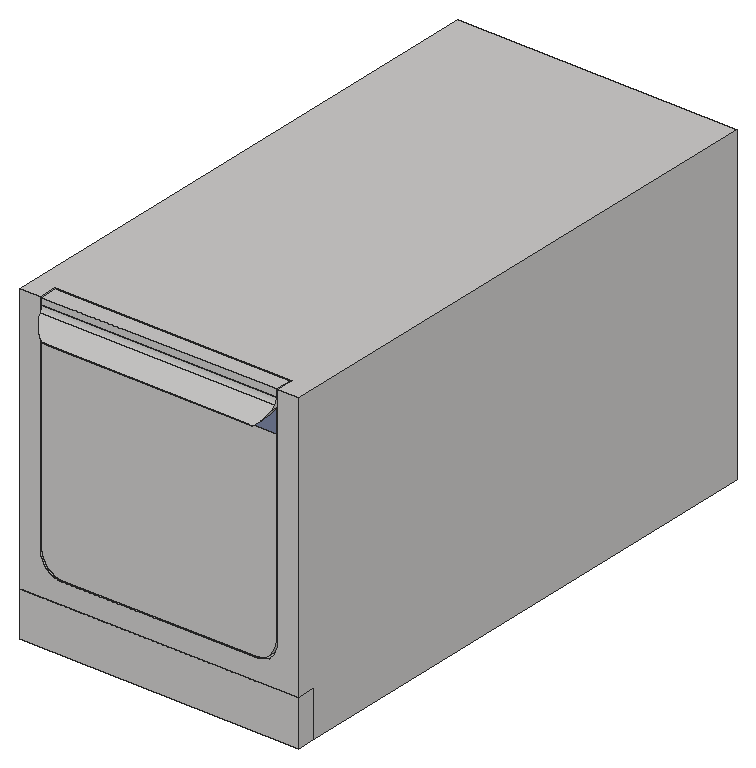
Revit family "QF_ELECTROLUXPROFESSIONAL_588580_MB1DCADOOO", category Attrezzature speciali, Revit 2020
Family settings
  Quota connettore circolare = Usa diametro
  Tipo di parte = Normale
  Basato su piano di lavoro = No
  Sempre verticale = Sì
  Taglio con vuoti quando caricato = No
  Condiviso = No
  Punto di calcolo locali = No
Parameters (values of type "Standard")
  Weight = 21.00 kg
  Watts = 0 W
  Volts = 0 V
  URL Manufacturer = "https://www.electroluxprofessional.com/"
  URL = "https://www.electroluxprofessional.com/"
  Steam Supply Size = 0"
  Steam Supply Minimum Pressure = 0.00 psi
  Steam Supply Maximum Pressure = 0.00 psi
  Steam Consumption per Hour = 0
  Refrigeration Suction Line Size = 0 mm
  Refrigeration Liquid Line Size = 0 mm
  Refrigerant Compressor Remote = yes
  Prospetto di default = 0 mm
  Phase = 0
  Modello = "MB1DCADOOO"
  Produttore = "Electrolux Professional"
  Length Actual = 400 mm  # constant formula
  Item Number = "588580"
  Hot Water Size = 0"
  Height Actual = 450 mm  # constant formula
  HP = "0 HP"
  Gas Size = 0"
  Gas KW = 0
  Gas Input Pressure = 0.0 Btu/h
  Direct Waste Size = 0"
  Descrizione = "CUPBOARD BASE,H2,GN,1D,1S,400X850X450H"
  Depth Actual = 850 mm  # constant formula
  Cycle = 0 Hz
  Condensate Return Size = 0"
  Compressed Air Volume = 0 GPM
  Compressed Air Size = 0"
  Compressed Air Pressure = 0.00 psi
  Cold Water Size = 0"
  Accessory = yes
Reference planes
  plane 1 "BACK": y = 0
  plane 2: z = 0
  plane 3 "LEFT": x = 0
  plane 4 "RIGHT": x = 400
  plane 5 "FRONT": y = -850
  plane 6 "PLAIN": z = 900
  plane 7 "Center (Left/Right)": x = 200
  plane 8 "Center (Front/Back)": y = -425
  plane 9 "TOP": z = 650
  plane 10 "BASE": z = 200
  plane 11: x = 322
  plane 12: x = 78
  plane 13 "Feet_back": y = -150
  plane 14 "Feet_Front": y = -720
  plane 15: x = 0
  plane 16: x = 400
  plane 17: z = 265
  plane 18: y = -45
  plane 19: y = -805
  plane 20: y = -70
  plane 21: y = -830
  plane 22 "ButtonZ": z = 590
Forms (mm)
  Extrusion 1, solid, material "QF_Finishes_Stainless Steel"
    sketch origin (0, 0, 650) x (0, 1, 0) y (0, 0, 1)
      loop
        line (-45, -450) -> (-45, 0) -> (-805, 0) -> (-805, -450) -> (-45, -450)
    from 0 to 400
  Extrusion 2, solid, material "QF_Finishes_Stainless Steel"
    sketch origin (0, 0, 650) x (0, 1, 0) y (0, 0, 1)
      loop
        line (-830, -450) -> (-805, -450) -> (-805, -385) -> (-830, -385) -> (-830, -450)
    from 0 to 400
  Extrusion 3, void
    sketch origin (0, -850, 0) x (1, 0, 0) y (0, 0, 1)
      loop
        line (0, 650) -> (0, 265) -> (400, 265) -> (400, 650) -> (0, 650)
    from 0 to -780
  Extrusion 4, solid, material "QF_Finishes_Stainless Steel"
    sketch origin (0, -850, 0) x (1, 0, 0) y (0, 0, 1)
      loop
        line (30, 650) -> (30, 627) -> (370, 627) -> (370, 650) -> (30, 650)
    from -45 to -805
  Extrusion 5, solid, material "QF_Finishes_Stainless Steel"
    sketch origin (0, -850, 0) x (1, 0, 0) y (0, 0, 1)
      loop
        line (0, 650) -> (0, 265) -> (400, 265) -> (400, 650) -> (370, 650) -> (370, 325)
        arc (370, 325) -> (361.213, 303.787) -> (340, 295) r 30
        line (340, 295) -> (60, 295)
        arc (60, 295) -> (38.787, 303.787) -> (30, 325) r 30
        line (30, 325) -> (30, 650) -> (0, 650)
    from -20 to -780
Cuts and joins
  Extrusion 3 cuts Extrusion 1
  joined: Extrusion 1, Extrusion 4, Extrusion 5
Lines and regions (mm)
  symbolic lines, style "SpecialityEquipmentHiddenLines"
    curve 1: line (0, 0, 0) -> (400, 0, 0)
    curve 2: line (0, -850, 0) -> (0, 0, 0)
    curve 3: line (400, -850, 0) -> (0, -850, 0)
    curve 4: line (400, 0, 0) -> (400, -850, 0)
Dimensions and locks
  plane 3 "LEFT" to plane 4 "RIGHT" = 400 mm
  plane 5 "FRONT" to plane 1 "BACK" = 850 mm
  equal spacing: plane 3 "LEFT", plane 7 "Center (Left/Right)", plane 4 "RIGHT"
  equal spacing: plane 5 "FRONT", plane 8 "Center (Front/Back)", plane 1 "BACK"
  plane 6 "PLAIN" to plane 9 "TOP" = 250 mm
  plane 10 "BASE" to level = 200 mm
  plane 9 "TOP" to plane 10 "BASE" = 450 mm
  locked: plane 1 "BACK" to plane 13 "Feet_back" at 150
  locked: plane 14 "Feet_Front" to plane 5 "FRONT" at 130
  locked: plane 12 to plane 3 "LEFT" at 78
  locked: plane 11 to plane 4 "RIGHT" at 78
  plane 16 to plane 15 = 400 mm
  equal spacing: plane 16, plane 7 "Center (Left/Right)", plane 15
  locked: plane 17 to plane 10 "BASE" at 65
  locked: plane 1 "BACK" to plane 18 at 45
  plane 9 "TOP" to Extrusion 4 sketch curve = 23 mm
  locked: Extrusion 4 sketch curve to plane 15 at 30
  locked: plane 16 to Extrusion 4 sketch curve at 30
  locked: Extrusion 5 sketch curve to plane 17 at 30
  plane 6 "PLAIN" to level = 900 mm
  Extrusion 5 to Extrusion 5 = 340 mm
  locked: plane 18 to plane 20 at 25
  locked: plane 21 to plane 5 "FRONT" at 20
  locked: plane 19 to plane 21 at 25
  plane 18 to plane 21 = 785 mm
  plane 22 "ButtonZ" to level = 590 mm
  aligned and locked: level to plane 2
  aligned and locked: Extrusion 1 to plane 4 "RIGHT"
  aligned and locked: Extrusion 1 to plane 3 "LEFT"
  aligned and locked: Extrusion 2 to plane 4 "RIGHT"
  aligned and locked: plane 9 "TOP" to Extrusion 3 sketch curve
  aligned and locked: Extrusion 3 sketch curve to plane 15
  aligned and locked: plane 16 to Extrusion 3 sketch curve
  aligned and locked: Extrusion 2 to plane 10 "BASE"
  aligned and locked: Extrusion 2 to plane 17
  aligned and locked: plane 17 to Extrusion 3 sketch curve
  aligned and locked: Extrusion 4 to plane 18
  aligned and locked: Extrusion 5 sketch curve to plane 15
  aligned and locked: plane 16 to Extrusion 5 sketch curve
  aligned and locked: plane 9 "TOP" to Extrusion 5 sketch curve  (x2)
  aligned and locked: plane 17 to Extrusion 5 sketch curve
  aligned and locked: Extrusion 5 sketch curve to Extrusion 4  (x2)
  aligned and locked: cut or joined group of Extrusion 1, Extrusion 3, Extrusion 4, Extrusion 5 to Extrusion 4
  aligned and locked: plane 7 "Center (Left/Right)" to nested 1
  aligned and locked: Extrusion 5 to plane 20
  aligned and locked: cut or joined group of Extrusion 1, Extrusion 3, Extrusion 4, Extrusion 5 to plane 20
  aligned and locked: cut or joined group of Extrusion 1, Extrusion 3, Extrusion 4, Extrusion 5 to plane 18
  aligned and locked: plane 19 to Extrusion 4
  aligned and locked: plane 21 to Extrusion 5
  aligned and locked: Extrusion 2 to plane 19
  aligned and locked: plane 21 to Extrusion 2
Automatic sketch dimensions
  Extrusion 1 sketch curve to plane 10 "BASE" = 0 mm
  Extrusion 1 sketch curve to plane 9 "TOP" = 0 mm
  plane 1 "BACK" to Extrusion 1 sketch curve = 45 mm
  Extrusion 1 sketch curve to plane 5 "FRONT" = 45 mm
  Extrusion 2 sketch curve to plane 5 "FRONT" = 20 mm
  Extrusion 2 sketch curve to plane 9 "TOP" = 385 mm
  plane 10 "BASE" to Extrusion 2 sketch curve = 0 mm
  Extrusion 2 sketch curve to plane 5 "FRONT" = 45 mm
  Extrusion 4 sketch curve to plane 9 "TOP" = 0 mm
  Extrusion 5 sketch curve to Extrusion 5 sketch curve = 30 mm  (x2)
  curve 3 to plane 3 "LEFT" = 0 mm
  curve 3 to plane 4 "RIGHT" = 0 mm
  plane 5 "FRONT" to curve 3 = 0 mm
  plane 1 "BACK" to curve 2 = 0 mm
Nested families
  nested 1: "H450H2_1DOOR" at (163.958, -805, 200) x (1, 0, 0) z (0, -1, 0), type "H450H2_1DOOR"
    with Width 340 mm, Show Clearance yes
Definition of nested family "H450H2_1DOOR"
  Parameters
    Width [instance] = 340 mm
    Show Clearance [instance] = yes
    Model = "727995"
    Height = 450 mm
    Default Elevation = 0 mm
  Reference planes
    plane 1 "Center (Front/Back)": y = 0
    plane 2: z = 0
    plane 3 "Center (Left/Right)": x = 36.042
    plane 4 "panel": z = 25
    plane 5: x = -133.958
    plane 6: x = 206.042
    plane 7: y = 450
    plane 8: z = 340
    plane 9: z = 45
    plane 10: x = -108.958
  Forms (mm)
    Extrusion 1, solid
      sketch origin (0, -919.2, 0) x (1, 0, 0) y (0, 1, 0)
        loop
          line (-980.5, 2119.2) -> (-980.5, -162.846) -> (881.94, -162.846) -> (881.94, 2119.2) -> (-980.5, 2119.2)
      from 0 to -59.546
    Extrusion 2, solid
      sketch origin (0, 0, 0) x (1, 0, 0) y (0, 1, 0)
        loop
          arc (-131.958, 127) -> (-123.171, 105.787) -> (-101.958, 97) r 30
          line (-101.958, 97) -> (174.042, 97)
          arc (174.042, 97) -> (195.255, 105.787) -> (204.042, 127) r 30
          line (204.042, 127) -> (204.042, 393) -> (-131.958, 393) -> (-131.958, 127)
      from 0 to 25
    Extrusion 3, solid
      sketch origin (0, 0, 0) x (1, 0, 0) y (0, 1, 0)
        loop
          line (-131.958, 393) -> (204.042, 393) -> (204.042, 440) -> (-131.958, 440) -> (-131.958, 393)
      from 0 to 25
    Extrusion 4, solid
      sketch origin (36.042, 0, 0) x (0, 1, 0) y (0, 0, 1)
        loop
          line (426.693, 25) -> (440.02, 25)
          arc (440.02, 25) -> (435.261, 25.775) -> (430.993, 28.02) r 15
          line (430.993, 28.02) -> (406.653, 46.362) -> (403.644, 42.369) -> (426.693, 25)
      from -168 to 168
    Extrusion 5, void
      sketch origin (72.084, 0, 0) x (-1, 0, 0) y (0, -1, 0)
        loop
          line (204.042, -426.693) -> (204.042, -403.644) -> (180.317, -403.644)
          arc (180.317, -403.644) -> (194.508, -412.772) -> (204.042, -426.693) r 42.603
      from 25 to 47.9
    Extrusion 6, solid
      sketch origin (0, 0, 0) x (1, 0, 0) y (0, 1, 0)
        loop
          line (-131.958, 440) -> (204.042, 440) -> (204.042, 450) -> (-131.958, 450) -> (-131.958, 440)
      from 0 to 25
    Extrusion 7, void
      sketch origin (0, 0, 0) x (1, 0, 0) y (0, 1, 0)
        loop
          arc (204.042, 426.693) -> (194.508, 412.772) -> (180.317, 403.644) r 42.603
          line (180.317, 403.644) -> (204.042, 403.644) -> (204.042, 426.693)
      from 25 to 47.9
    Extrusion 8, solid, detail levels coarse
      sketch origin (0, 0, 0) x (1, 0, 0) y (0, 0, 1)
        loop
          line (-133.958, 340) -> (-133.958, 25) -> (206.042, 25)
          arc (206.042, 25) -> (107.107, 241.065) -> (-108.958, 340) r 340.918
          line (-108.958, 340) -> (-133.958, 340)
      from -450 to -97
  Cuts and joins
    Extrusion 5, Extrusion 7 cuts Extrusion 4
    Extrusion 7 cuts Extrusion 3
  Lines and regions (mm)
    symbolic lines
      curve 1: line (-133.958, 0, 340) -> (-133.958, 0, 45)
      curve 2: arc (203.986, 0, 44.931) -> (99.919, 0, 248.045) -> (-108.958, 0, 340) r 340.918
      curve 3: line (-108.958, 0, 45) -> (-108.958, 0, 340)
      curve 4: line (-108.958, 0, 340) -> (-133.958, 0, 340)
  Dimensions and locks
    plane 4 "panel" to level = 25 mm
    "Width": plane 5 to plane 6
    equal spacing: plane 5, plane 3 "Center (Left/Right)", plane 6
    "Height": plane 1 "Center (Front/Back)" to plane 7
    locked: plane 5 to Extrusion 2 sketch curve at 2
    locked: plane 1 "Center (Front/Back)" to Extrusion 2 sketch curve at 97
    locked: plane 7 to Extrusion 2 sketch curve at 57
    Extrusion 3 sketch curve to Extrusion 2 = 47 mm
    locked: Extrusion 2 sketch curve to plane 6 at 2
    "Width": Extrusion 1 to plane 8
    locked: plane 10 to plane 5 at 25
    aligned and locked: plane 2 to Extrusion 1
    aligned and locked: level to Extrusion 1
    aligned and locked: plane 4 "panel" to Extrusion 2
    aligned and locked: plane 4 "panel" to Extrusion 3
    aligned and locked: Extrusion 4 to Extrusion 3
    aligned and locked: Extrusion 3 to Extrusion 4
    aligned and locked: Extrusion 3 to Extrusion 2
    aligned and locked: cut or joined group of Extrusion 4, Extrusion 5, Extrusion 7 to plane 4 "panel"
    aligned and locked: plane 7 to Extrusion 6 sketch curve
    aligned and locked: plane 4 "panel" to Extrusion 6
    aligned and locked: Extrusion 2 to Extrusion 6
    aligned and locked: Extrusion 7 sketch curve to Extrusion 2
    aligned and locked: Extrusion 2 to cut or joined group of Extrusion 4, Extrusion 5, Extrusion 7
    aligned and locked: plane 5 to Extrusion 8 sketch curve
    aligned and locked: plane 4 "panel" to Extrusion 8 sketch curve
    aligned and locked: plane 7 to Extrusion 8
    aligned and locked: Extrusion 2 to Extrusion 8
  Automatic sketch dimensions
    Extrusion 1 sketch curve to Extrusion 1 sketch curve = 1862.44 mm
    Extrusion 1 sketch curve to Extrusion 1 sketch curve = 2282.046 mm
    Extrusion 2 sketch curve to Extrusion 2 sketch curve = 30 mm  (x2)
    plane 5 to Extrusion 3 sketch curve = 2 mm
    Extrusion 3 sketch curve to plane 6 = 2 mm
    Extrusion 3 sketch curve to Extrusion 3 sketch curve = 47 mm
    Extrusion 4 sketch curve to plane 4 "panel" = 0 mm
    plane 4 "panel" to Extrusion 4 sketch curve = 17.369 mm
    Extrusion 4 sketch curve to plane 7 = 46.356 mm
    plane 4 "panel" to Extrusion 4 sketch curve = 21.362 mm
    Extrusion 4 sketch curve to Extrusion 4 sketch curve = 3.009 mm
    plane 4 "panel" to Extrusion 4 sketch curve = 3.02 mm
    Extrusion 4 sketch curve to Extrusion 4 sketch curve = 9.027 mm
    plane 7 to Extrusion 5 sketch curve = 6.671 mm
    Extrusion 5 sketch curve to plane 5 = 41.221 mm
    Extrusion 5 sketch curve to plane 5 = 25.725 mm
    Extrusion 5 sketch curve to plane 5 = 2 mm
    plane 7 to Extrusion 5 sketch curve = 23.307 mm
    plane 5 to Extrusion 6 sketch curve = 2 mm
    Extrusion 6 sketch curve to plane 6 = 2 mm
    Extrusion 6 sketch curve to plane 7 = 10 mm
    Extrusion 7 sketch curve to Extrusion 7 sketch curve = 23.725 mm
    Extrusion 7 sketch curve to plane 7 = 6.671 mm
    Extrusion 7 sketch curve to plane 6 = 41.221 mm
    Extrusion 7 sketch curve to plane 7 = 23.307 mm
    curve 4 to plane 5 = 0 mm
    curve 3 to plane 8 = 0 mm
    plane 10 to curve 4 = 0 mm
    curve 2 to level = 0 mm
    curve 1 to plane 9 = 0 mm
    curve 3 to plane 9 = 0 mm
    curve 2 to plane 9 = 0.069 mm
    curve 2 to plane 5 = 0 mm
    Extrusion 8 sketch curve to level = 0 mm
    Extrusion 8 sketch curve to plane 5 = 0 mm
    Extrusion 8 sketch curve to plane 8 = 0 mm
    Extrusion 8 sketch curve to plane 6 = 0 mm
